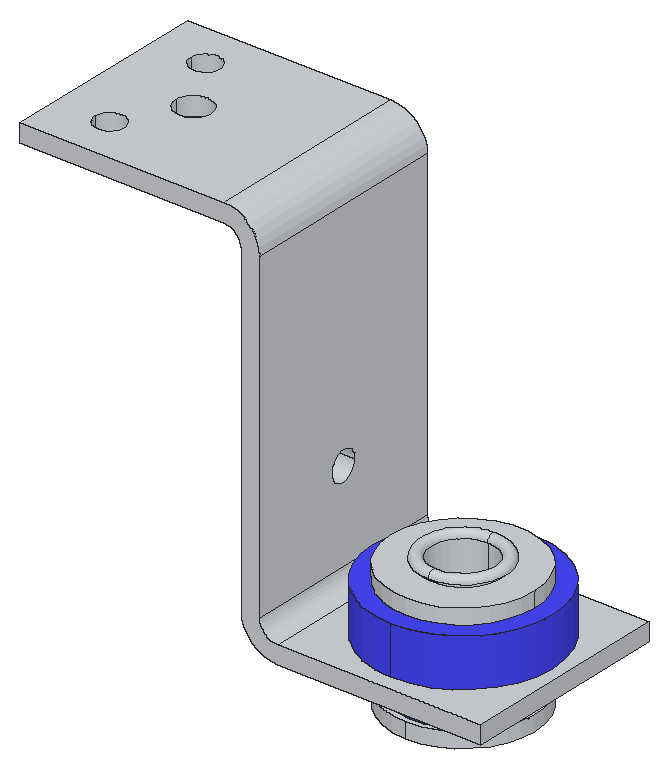
Revit family "Kanalhalter ZLN, VA", category Allgemeines Modell, Revit 2017
Family settings
  Kann Basisbauteil für Bewehrung sein = Nein
  Bemaßung runder Anschluss = Durchmesser verwenden
  Teiletyp = Normal
  Arbeitsebenenbasiert = Ja
  Immer vertikal = Nein
  Beim Laden mit Abzugskörper schneiden = Nein
  Gemeinsam genutzt = Ja
  Raumberechnungspunkt = Nein
Parameters (values of type "Kanalhalter ZLN, V4A")
  vpe = "1 St"
  max. zul. Last stehend = 0.90 kN
  max. zul. Last hängend = 0.00 kN
  max. Temperaturbeständigkeit = "100 °C"
  Default Elevation = 1219.2 mm
  Unterlegscheibe VA = Unterlegscheibe VA : Unterlegscheibe 13,0x24x2,5 V4A
  Stärke Material = 3 mm
  Schalldämmeinlage = "Gummi SBR"
  Regelhalter [instance] = ""
  Mengeneinheit = "St"
  Länge = 77 mm
  Kurztext2 = "Höhe 66 mm Gummi genietet"
  Kurztext1 = "Kanalhalter Z V4A"
  Kanalhalterwinkel Z VA = Kanalhalterwinkel Z VA : MEFA Kanalhalterwinkel Z V4A (8459830)
  Höhe = "66 mm"
  Gewicht pro Bauteil = Gewicht  # 0.117 kg
  Gewicht = 0.117 kg
  Firma = "MEFA Befestigungs- und Montagesysteme GmbH"
  Fabrikat = "MEFA"
  EAN = "4250928415028"
  Dämmelementtyp = "genietet"
  Breite Material = "30 mm"
  Bauart = "Z"
  Ausführung = "leicht"
  Artikelnummer = "0590039"
  Anschluss = "M8/M10"
Types (3, lengths in mm): name | Unterlegscheibe VA | Kurztext1 | Kanalhalterwinkel Z VA | EAN | Artikelnummer
  (no name) | Unterlegscheibe VA : Unterlegscheibe 13,0x24x2,5 V4A | "Kanalhalter Z V4A" | Kanalhalterwinkel Z VA : MEFA Kanalhalterwinkel Z V4A (8459830) | "4250928415028" | "0590039"
  Kanalhalter ZLN, V2A | Unterlegscheibe VA : Unterlegscheibe 13,0x24x2,5 V2A | "Kanalhalter Z V2A" | Kanalhalterwinkel Z VA : MEFA Kanalhalterwinkel Z V2A (8469830) | "4250928415011" | "0590038"
  Kanalhalter ZLN, V4A | Unterlegscheibe VA : Unterlegscheibe 13,0x24x2,5 V4A | "Kanalhalter Z V4A" | Kanalhalterwinkel Z VA : MEFA Kanalhalterwinkel Z V4A (8459830) | "4250928415028" | "0590039"
Reference planes
  plane 1 "Mitte (Vorne/hinten)": y = 0
  plane 2: z = 0
  plane 3 "Mitte (Links/rechts)": x = 0
Dimensions and locks
  aligned and locked: level to plane 2
Nested families
  nested 1: "Kanalhalterwinkel Z VA" at (0, 0, 0), type <- "Kanalhalterwinkel Z VA", type "MEFA Kanalhalterwinkel Z V4A (8459830)"
  nested 2: "Gummiring" at (23, 0, 3) x (0, 1, 0) z (0, 0, 1), type "Gummiring 12x30x 8 (0009702)"
  nested 3: "Gummiring" at (23, 0, -5), type "Gummiring 12x22x 5 (0009700)"
  nested 4: "Unterlegscheibe VA" at (22.993, 0, 11) x (-1, 0, 0) z (0, 0, 1), type <- "Unterlegscheibe VA", type "Unterlegscheibe 13,0x24x2,5 V4A"
  nested 5: "Unterlegscheibe VA" at (23.013, 0, -7.5) x (0, 1, 0) z (0, 0, 1), type "Unterlegscheibe 13,0x24x2,5 V2A"
  nested 6: "Rohrniete DIN 7340" at (23, 0, 3) x (0, 1, 0) z (1, 0, 0), type "Rohrniete DIN 7340 11,5 (0009904)"
Definition of nested family "Kanalhalterwinkel Z VA"
  Parameters (values of type "MEFA Kanalhalterwinkel Z V4A (8459830)")
    Default Elevation = 1219.2 mm
    Regelhalter [instance] = ""
    Firma = "MEFA Befestigungs- und Montagesysteme GmbH"
  Types (2): name
    MEFA Kanalhalterwinkel Z V2A (8469830)
    MEFA Kanalhalterwinkel Z V4A (8459830)
  Reference planes
    plane 1 "Mitte (Vorne/hinten)": y = 0
    plane 2: z = 0
    plane 3 "Mitte (Links/rechts)": x = 0
  Forms (mm)
    Extrusion 1, solid
      sketch origin (0, 0, 0) x (1, 0, 0) y (0, 0, 1)
        loop
          line (6, 0) -> (40, 0) -> (40, 3) -> (6, 3)
          arc (6, 3) -> (3.879, 3.879) -> (3, 6) r 3
          line (3, 6) -> (3, 60)
          arc (3, 60) -> (1.243, 64.243) -> (-3, 66) r 6
          line (-3, 66) -> (-37, 66) -> (-37, 63) -> (-3, 63)
          arc (-3, 63) -> (-0.879, 62.121) -> (0, 60) r 3
          line (0, 60) -> (0, 6)
          arc (0, 6) -> (1.757, 1.757) -> (6, 0) r 6
      from -17.5 to 17.5
    Extrusion 2, void
      sketch origin (0, 0, 0) x (0, 1, 0) y (0, 0, 1)
        loop
          circle (0, 21) r 2.5
      from 0 to 10
    Extrusion 3, void
      sketch origin (0, 0, 0) x (1, 0, 0) y (0, 1, 0)
        loop
          circle (23, 0) r 9
        loop
          circle (-28, 10) r 2.5
        loop
          circle (-22, 0) r 3
        loop
          circle (-28, -10) r 2.5
      from 0 to 100
  Cuts and joins
    Extrusion 2, Extrusion 3 cuts Extrusion 1
  Dimensions and locks
    aligned and locked: level to plane 2
Definition of nested family "Gummiring"
  Parameters (values of type "Gummiring 12x22x 5 (0009700)")
    Default Elevation = 1219.2 mm
    Regelhalter [instance] = ""
    Länge = 5 mm
    Firma = "MEFA Befestigungs- und Montagesysteme GmbH"
    D0 = 12 mm
    D = 22 mm
  Types (4, lengths in mm): name | Länge | D0 | D
    Gummiring 12x30x 8 (0009702) | 8 | 12 | 30
    Gummiring 12x22x 8 (0009701) | 8 | 12 | 22
    Gummiring 12x22x 5 (0009700) | 5 | 12 | 22
    Gummiring 11x22x 5 (0009695) | 5 | 11 | 22
  Reference planes
    plane 1 "Mitte (Vorne/hinten)": y = 0
    plane 2: z = 0
    plane 3 "Mitte (Links/rechts)": x = 0
    plane 4: z = 5
  Forms (mm)
    Extrusion 1, solid
      sketch origin (0, 0, 0) x (1, 0, 0) y (0, 1, 0)
        loop
          circle (0, 0) r 11
      from 0 to 5
    Extrusion 2, void
      sketch origin (0, 0, 0) x (1, 0, 0) y (0, 1, 0)
        loop
          circle (0, 0) r 6
      from 0 to 5
  Cuts and joins
    Extrusion 2 cuts Extrusion 1
  Lines and regions (mm)
    model lines, not visible
      curve 1: line (9.299, 0, 5) -> (-10.701, 0, 5)
      curve 2: line (0, 15.717, 5) -> (0, -4.283, 5)
      curve 3: line (0, 10.717, 0) -> (0, -9.283, 0)
      curve 4: line (6.799, 0, 0) -> (-13.201, 0, 0)
      curve 5: line (0, 0, 72.337) -> (0, 0, -112.663)
  Dimensions and locks
    "Länge": level to plane 4
    "D": diameter of Extrusion 1 sketch curve
    "D0": diameter of Extrusion 2 sketch curve
    aligned and locked: level to plane 2
    aligned and locked: Extrusion 1 to level
    aligned and locked: Extrusion 1 to curve 1
    aligned and locked: plane 4 to Extrusion 1
    aligned and locked: curve 2 to plane 4
    aligned and locked: curve 3 to level
    aligned and locked: curve 4 to level
    aligned and locked: plane 3 "Mitte (Links/rechts)" to curve 5
    aligned and locked: curve 5 to plane 1 "Mitte (Vorne/hinten)"
    aligned and locked: Extrusion 1 to Extrusion 2
    aligned and locked: Extrusion 2 to level
  Automatic sketch dimensions
    plane 1 "Mitte (Vorne/hinten)" to curve 2 = 4.283 mm
    plane 1 "Mitte (Vorne/hinten)" to curve 3 = 9.283 mm
    curve 3 to plane 1 "Mitte (Vorne/hinten)" = 10.717 mm
    curve 2 to plane 1 "Mitte (Vorne/hinten)" = 15.717 mm
    curve 4 to plane 3 "Mitte (Links/rechts)" = 13.201 mm
    curve 1 to plane 3 "Mitte (Links/rechts)" = 10.701 mm
    plane 3 "Mitte (Links/rechts)" to curve 4 = 6.799 mm
    plane 3 "Mitte (Links/rechts)" to curve 1 = 9.299 mm
    curve 5 to level = 112.663 mm
    plane 4 to curve 5 = 67.337 mm
    plane 1 "Mitte (Vorne/hinten)" to Extrusion 1 sketch curve = 0 mm
    Extrusion 1 sketch curve to plane 3 "Mitte (Links/rechts)" = 0 mm
    plane 1 "Mitte (Vorne/hinten)" to Extrusion 2 sketch curve = 0 mm
    Extrusion 2 sketch curve to plane 3 "Mitte (Links/rechts)" = 0 mm
Definition of nested family "Unterlegscheibe VA"
  Parameters (values of type "Unterlegscheibe  8,4x16x1,6 V4A")
    vpe = "100 St"
    max. zul. Last stehend = 0.00 kN
    max. zul. Last hängend = 0.00 kN
    max. Temperaturbeständigkeit = ""
    Default Elevation = 1219.2 mm
    Stärke Material = 0 mm
    Schalldämmeinlage = ""
    S = 1.6 mm
    Regelhalter [instance] = ""
    Mengeneinheit = "St"
    Länge = 0 mm
    Kurztext2 = "8,4 x 16 x 1,6 mm"
    Kurztext1 = "Unterlegscheibe EN ISO 7089 V4A"
    Höhe = ""
    Gewicht = 0.0019 kg
    Firma = "MEFA Befestigungs- und Montagesysteme GmbH"
    Fabrikat = "MEFA"
    EAN = "4250928439192"
    Dämmelementtyp = ""
    D0 = 8.4 mm
    D = 16 mm
    Breite Material = ""
    Bauart = ""
    Ausführung = ""
    Artikelnummer = "4338118"
    Anschluss = ""
  Types (15, lengths in mm): name | vpe | S | Mengeneinheit | Kurztext2 | Kurztext1 | Gewicht | Fabrikat | EAN | D0 | D | Artikelnummer
    Unterlegscheibe  8,4x16x1,6 V2A | "100 St" | 1.6 | "St" | "8,4 x 16 x 1,6 mm" | "Unterlegscheibe EN ISO 7089 V2A" | 0.0019 kg | "MEFA" | "4250928439161" | 8.4 | 16 | "4338108"
    Unterlegscheibe 10,5x20x2,0 V2A | "100 St" | 2 | "St" | "10,5 x 20 x 2 mm" | "Unterlegscheibe EN ISO 7089 V2A" | 0.0037 kg | "MEFA" | "4250928439178" | 10.5 | 20 | "4338110"
    Unterlegscheibe 13,0x24x2,5 V2A | "100 St" | 2.5 | "St" | "13 x 24 x 2,5 mm" | "Unterlegscheibe EN ISO 7089 V2A" | 0.0065 kg | "MEFA" | "4250928439185" | 13 | 24 | "4338113"
    Unterlegscheibe  8,4x25x2,0 V2A | "100 St" | 2 | "St" | "8,4 x 25 x 2 mm" | "Unterlegscheibe EN ISO 7093-1 V2A" | 0.0071 kg | "MEFA" | "4250928439123" | 8.4 | 25 | "4338008"
    Unterlegscheibe 10,5x30x2,5 V2A | "" | 2.5 | "" | "" | "" | 0.00 kg | "" | "" | 10.5 | 30 | "3228010"
    Unterlegscheibe 13,0x37x3,0 V2A | "100 St" | 3 | "St" | "13 x 37 x 3 mm" | "Unterlegscheibe EN ISO 7093-1 V2A" | 0.0231 kg | "MEFA" | "4250928439147" | 13 | 37 | "4338013"
    Unterlegscheibe 17,0x50x3,0 V2A | "50 St" | 3 | "St" | "17 x 50 x 3 mm" | "Unterlegscheibe EN ISO 7093-1 V2A" | 0.0425 kg | "MEFA" | "4250928439154" | 17 | 50 | "4338017"
    Unterlegscheibe 10,5x40x3,0 V4A | "100 St" | 3 | "St" | "10,5 x 40 x 3 mm" | "Unterlegscheibe V4A" | 0.0286 kg | "MEFA" | "4250928448958" | 10.5 | 40 | "43385103"
    Unterlegscheibe  8,4x16x1,6 V4A | "100 St" | 1.6 | "St" | "8,4 x 16 x 1,6 mm" | "Unterlegscheibe EN ISO 7089 V4A" | 0.0019 kg | "MEFA" | "4250928439192" | 8.4 | 16 | "4338118"
    Unterlegscheibe 10,5x20x2,0 V4A | "100 St" | 2 | "St" | "10,5 x 20 x 2 mm" | "Unterlegscheibe EN ISO 7089 V4A" | 0.0037 kg | "MEFA" | "4250928439208" | 10.5 | 20 | "4338120"
    Unterlegscheibe 13,0x24x2,5 V4A | "100 St" | 2.5 | "St" | "13 x 24 x 2,5 mm" | "Unterlegscheibe EN ISO 7089 V4A" | 0.0065 kg | "MEFA" | "4250928439215" | 13 | 24 | "4338123"
    Unterlegscheibe  8,4x25x2,0 V4A | "100 St" | 2 | "St" | "8,4 x 25 x 2 mm" | "Unterlegscheibe EN ISO 7093-1 V4A" | 0.0071 kg | "MEFA" | "4250928439222" | 8.4 | 25 | "4338208"
    Unterlegscheibe 10,5x30x2,5 V4A | "100 St" | 2.5 | "St" | "10,5 x 30 x 2,5 mm" | "Unterlegscheibe EN ISO 7093-1 V4A" | 0.0127 kg | "MEFA" | "4250928439239" | 10.5 | 30 | "4338210"
    Unterlegscheibe 13,0x37x3,0 V4A | "100 St" | 3 | "St" | "13 x 37 x 3 mm" | "Unterlegscheibe EN ISO 7093-1 V4A" | 0.0231 kg | "MEFA" | "4250928439246" | 13 | 37 | "4338213"
    Unterlegscheibe 17,0x50x3,0 V4A | "50 St" | 3 | "St" | "17 x 50 x 3 mm" | "Unterlegscheibe EN ISO 7093-1 V4A" | 0.0368 kg | "MEFA" | "4250928439253" | 17 | 50 | "4338217"
  Reference planes
    plane 1 "Mitte (Vorne/hinten)": y = 0
    plane 2: z = 0
    plane 3 "Mitte (Links/rechts)": x = 0
    plane 4: z = 1.6
  Forms (mm)
    Extrusion 1, solid
      sketch origin (0, 0, 0) x (1, 0, 0) y (0, 1, 0)
        loop
          circle (0, 0) r 8
      from 0 to 1.6
    Extrusion 2, void
      sketch origin (0, 0, 0) x (1, 0, 0) y (0, 1, 0)
        loop
          circle (0, 0) r 4.2
      from 0 to 1.6
  Cuts and joins
    Extrusion 2 cuts Extrusion 1
  Lines and regions (mm)
    model lines, not visible
      curve 1: line (9.299, 0, 1.6) -> (-10.701, 0, 1.6)
      curve 2: line (0, 15.717, 1.6) -> (0, -4.283, 1.6)
      curve 3: line (0, 10.717, 0) -> (0, -9.283, 0)
      curve 4: line (6.799, 0, 0) -> (-13.201, 0, 0)
      curve 5: line (0, 0, 68.937) -> (0, 0, -112.663)
  Dimensions and locks
    "S": level to plane 4
    "D": diameter of Extrusion 1 sketch curve
    "D0": diameter of Extrusion 2 sketch curve
    aligned and locked: level to plane 2
    aligned and locked: Extrusion 1 to level
    aligned and locked: Extrusion 1 to curve 1
    aligned and locked: plane 4 to Extrusion 1
    aligned and locked: curve 2 to plane 4
    aligned and locked: curve 3 to level
    aligned and locked: curve 4 to level
    aligned and locked: plane 3 "Mitte (Links/rechts)" to curve 5
    aligned and locked: curve 5 to plane 1 "Mitte (Vorne/hinten)"
    aligned and locked: Extrusion 1 to Extrusion 2
    aligned and locked: Extrusion 2 to level
  Automatic sketch dimensions
    plane 1 "Mitte (Vorne/hinten)" to curve 2 = 4.283 mm
    plane 1 "Mitte (Vorne/hinten)" to curve 3 = 9.283 mm
    curve 3 to plane 1 "Mitte (Vorne/hinten)" = 10.717 mm
    curve 2 to plane 1 "Mitte (Vorne/hinten)" = 15.717 mm
    curve 4 to plane 3 "Mitte (Links/rechts)" = 13.201 mm
    curve 1 to plane 3 "Mitte (Links/rechts)" = 10.701 mm
    plane 3 "Mitte (Links/rechts)" to curve 4 = 6.799 mm
    plane 3 "Mitte (Links/rechts)" to curve 1 = 9.299 mm
    curve 5 to level = 112.663 mm
    plane 4 to curve 5 = 67.337 mm
    plane 1 "Mitte (Vorne/hinten)" to Extrusion 1 sketch curve = 0 mm
    Extrusion 1 sketch curve to plane 3 "Mitte (Links/rechts)" = 0 mm
    plane 1 "Mitte (Vorne/hinten)" to Extrusion 2 sketch curve = 0 mm
    Extrusion 2 sketch curve to plane 3 "Mitte (Links/rechts)" = 0 mm
Definition of nested family "Rohrniete DIN 7340"
  Parameters (values of type "Rohrniete DIN 7340 11,5 (0009904) lang")
    Default Elevation = 1219.2 mm
    Regelhalter [instance] = ""
    Firma = "MEFA Befestigungs- und Montagesysteme GmbH"
    D = 5.75 mm
  Types (3, lengths in mm): name | D
    Rohrniete DIN 7340 11,5 (0009904) | 5.75
    Rohrniete DIN 7340 10 (0009903) | 5
    Rohrniete DIN 7340 11,5 (0009904) lang | 5.75
  Reference planes
    plane 1 "Mitte (Vorne/hinten)": y = 0
    plane 2: z = 0
    plane 3 "Mitte (Links/rechts)": x = 0
  Forms (mm)
    Revolve 1, solid
      sketch origin (0, 0, 0) x (1, 0, 0) y (0, 1, 0)
        loop
          line (-5.75, 11.25) -> (-5.75, -11.25) -> (-7.25, -11.25)
          arc (-7.25, -11.25) -> (-6.227, -12.273) -> (-5.204, -11.25) r 1.023
          line (-5.204, -11.25) -> (-5.204, 11.25)
          arc (-5.204, 11.25) -> (-6.204, 12.25) -> (-7.204, 11.25) r 1
          line (-7.204, 11.25) -> (-5.75, 11.25)
        axis (0, 11.25) -> (0, -11.25)
      angle from 0 to 360
  Dimensions and locks
    "D": Revolve 1 sketch curve to Revolve 1 sketch curve
    aligned and locked: level to plane 2
  Automatic sketch dimensions
    Revolve 1 sketch curve to plane 3 "Mitte (Links/rechts)" = 0 mm
    Revolve 1 sketch curve to Revolve 1 sketch curve = 0.454 mm
    Revolve 1 sketch curve to Revolve 1 sketch curve = 0.477 mm
    Revolve 1 sketch curve to Revolve 1 sketch curve = 1 mm
    plane 1 "Mitte (Vorne/hinten)" to Revolve 1 sketch curve = 11.25 mm
    Revolve 1 sketch curve to plane 1 "Mitte (Vorne/hinten)" = 11.25 mm
    Revolve 1 sketch curve to Revolve 1 sketch curve = 1.326 mm
    Revolve 1 sketch curve to Revolve 1 sketch curve = 1.174 mm
